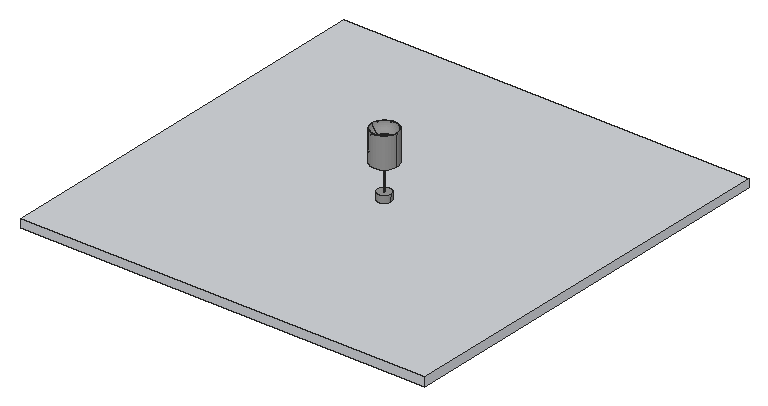
Revit family "LAMP_KOMBIC 150 SURFACE 3500 CRI80 OPTIC DALI", category Luminarias, Revit 2018
Family settings
  Anfitrión = Cara
  Cota de conector redondo = Diámetro de uso
  Tipo de pieza = Normal
  Corte con vacíos al cargar = No
  Origen de luz = Sí
  Compartido = No
  Punto de cálculo de habitación = No
Parameters (values of type "2145LM 3000K  B/B")
  Ángulo de inclinación = -90.00°
  Weight = 1.738 kg
  UGR = "19"
  Type = "COB PHILIPS"
  Protection rating = "IP40"
  Product datasheet = "http://www.lamp.es/product-files/TECH/K21SF3540WF830DBB-EN.pdf"
  Product code = "K21SF3540WF830DBB"
  Product URL = "https://www.lamp.es/en/family/kombic-surface_474354"
  Power Supply = "220-240V 50/60Hz"
  Power = 25 W
  Plum = 28 W
  Modelo = Product code  # "K21SF3540WF830DBB"
  Model explanation = "Possibility of chossing between surface or suspended within the model"
  Material reflector = LAMP_PC Reflector Kombic Metalizado Negro
  Material floron = LAMP_Plástico genérico NG
  Material difusor = LAMP_PMMA Difusor Kombic
  Material cuerpo = LAMP_Plástico genérico NG
  Material cable suspension = LAMP_Acero genérico
  Manufacturer name = "LAMP"
  Manufacturer country = "Spain"
  Manufacturer URL = "http://www.lamp.es/en"
  MacAdam = "3"
  Luminaire type = "Suspended"
  Last update = "13/10/2021"
  Lamp = "COB LED"
  LED Lifetime = "50.000 L80 B10"
  Insulation class = "II"
  Installation instructions = "https://www.lamp.es/product-files/packed/by-family/474354_INS_all.zip"
  IEE = "A+"
  Height suspension [instance] = 200 mm
  Height distance [instance] = if(Surface, 0.1 mm, if(Ceiling rose, if(Height suspension > 38 mm, if(Height suspension < 2000 mm, Height suspension, 2000 mm), 38 mm), 37 mm))  # 200 mm
  Wattage = 28 W
  built-in parameter 1150107 = 3000 (stored number, unit not read)
  Surface [instance] = no
  built-in parameter 1150110 = 1 (stored number, unit not read)
  built-in parameter 1150109 = 1 (stored number, unit not read)
  built-in parameter 1150112 = 1 (stored number, unit not read)
  built-in parameter 1150113 = 1 (stored number, unit not read)
  built-in parameter 1114218 = 1 (stored number, unit not read)
  built-in parameter 1150137 = (empty or 0)
  built-in parameter 1150132 = 2
  built-in parameter 1150105 = 2449.7 (stored number, unit not read)
  built-in parameter 1150102 = (empty or 0)
  built-in parameter 1150106 = 24.497 (stored number, unit not read)
  Height = 180 mm
  Gear = "Adjustable DALI"
  Lumens = 2144.8 lm
  Finish = "Matte black RAL 9011"
  Color Filter = 16777215
  built-in parameter 1114217 = 1 (stored number, unit not read)
  built-in parameter 1150139 = (empty or 0)
  Fabricante = Manufacturer name  # "LAMP"
  Default Elevation = 1219.2 mm
  built-in parameter 1150104 = 7.1164 (stored number, unit not read)
  Efficacy = 76.6 lm/W
  Diameter = 150 mm
  built-in parameter 1150115 = 1 (stored number, unit not read)
  built-in parameter 1150114 = 1 (stored number, unit not read)
  built-in parameter 1150138 = (empty or 0)
  built-in parameter 1150134 = (empty or 0)
  Ceiling rose [instance] = not(Surface)  # yes
  Dimming Lamp Color Temperature Shift = (empty or 0)
  CRI = "80"
  Archivo de red fotométrica = "K21SF3540WF830NBB.IES"
  built-in parameter 1150133 = 10 (stored number, unit not read)
Types (12, lengths in mm): name | Product datasheet | Product code | Modelo | Material reflector | Material floron | Material cuerpo | built-in parameter 1150107 | built-in parameter 1150105 | built-in parameter 1150106 | Gear | Lumens | Finish | built-in parameter 1150104 | Efficacy | built-in parameter 1150134 | Archivo de red fotométrica
  2145LM 3000K  B/B | "http://www.lamp.es/product-files/TECH/K21SF3540WF830DBB-EN.pdf" | "K21SF3540WF830DBB" | "K21SF3540WF830DBB" | LAMP_PC Reflector Kombic Metalizado Negro | LAMP_Plástico genérico NG | LAMP_Plástico genérico NG | 3000 (stored number, unit not read) | 2449.7 (stored number, unit not read) | 24.497 (stored number, unit not read) | "Adjustable DALI" | 2144.8 lm | "Matte black RAL 9011" | 7.1164 (stored number, unit not read) | 76.6 lm/W | (empty or 0) | "K21SF3540WF830NBB.IES"
  2145LM 3000K  B/W | "http://www.lamp.es/product-files/TECH/K21SF3540WF830DBW-EN.pdf" | "K21SF3540WF830DBW" | "K21SF3540WF830DBW" | LAMP_PC Reflector Kombic Metalizado Negro | LAMP_Plástico genérico BL | LAMP_Plástico genérico BL | 3000 (stored number, unit not read) | 2449.7 (stored number, unit not read) | 24.497 (stored number, unit not read) | "Adjutable DALI" | 2144.8 lm | "Matte white RAL 9010" | 7.1164 (stored number, unit not read) | 76.6 lm/W | (empty or 0) | "K21SF3540WF830NBW.IES"
  2152LM 3000K  M/B | "http://www.lamp.es/product-files/TECH/K21SF3540WF830DMB-EN.pdf" | "K21SF3540WF830DMB" | "K21SF3540WF830DMB" | LAMP_PC Reflector Kombic Metalizado Mate | LAMP_Plástico genérico NG | LAMP_Plástico genérico NG | 3000 (stored number, unit not read) | 2459.3 (stored number, unit not read) | 24.593 (stored number, unit not read) | "Adjutable DALI" | 2153.2 lm | "Matte black RAL 9011" | 7.1442 (stored number, unit not read) | 76.9 lm/W | (empty or 0) | "K21SF3540WF830NMB.IES"
  2152LM 3000K  M/W | "http://www.lamp.es/product-files/TECH/K21SF3540WF830DMW-EN.pdf" | "K21SF3540WF830DMW" | "K21SF3540WF830DMW" | LAMP_PC Reflector Kombic Metalizado Mate | LAMP_Plástico genérico BL | LAMP_Plástico genérico BL | 3000 (stored number, unit not read) | 2459.3 (stored number, unit not read) | 24.593 (stored number, unit not read) | "Adjutable DALI" | 2153.2 lm | "Matte white RAL 9010" | 7.1442 (stored number, unit not read) | 76.9 lm/W | (empty or 0) | "K21SF3540WF830NMW.IES"
  2217LM 3000K  W/B | "http://www.lamp.es/product-files/TECH/K21SF3540WF830DWB-EN.pdf" | "K21SF3540WF830DWB" | "K21SF3540WF830DWB" | LAMP_PC Reflector Kombic Blanco | LAMP_Plástico genérico NG | LAMP_Plástico genérico NG | 3000 (stored number, unit not read) | 2532.8 (stored number, unit not read) | 25.328 (stored number, unit not read) | "Adjutable DALI" | 2217.6 lm | "Matte black RAL 9011" | 7.3579 (stored number, unit not read) | 79.2 lm/W | (empty or 0) | "K21SF3540WF830NWB.IES"
  2217LM 3000K  W/W | "http://www.lamp.es/product-files/TECH/K21SF3540WF830DWW-EN.pdf" | "K21SF3540WF830DWW" | "K21SF3540WF830DWW" | LAMP_PC Reflector Kombic Blanco | LAMP_Plástico genérico BL | LAMP_Plástico genérico BL | 3000 (stored number, unit not read) | 2532.8 (stored number, unit not read) | 25.328 (stored number, unit not read) | "Adjutable DALI" | 2217.6 lm | "Matte white RAL 9010" | 7.3579 (stored number, unit not read) | 79.2 lm/W | (empty or 0) | "K21SF3540WF830NWW.IES"
  2234LM 4000K  B/B | "http://www.lamp.es/product-files/TECH/K21SF3540WF840DBB-EN.pdf" | "K21SF3540WF840DBB" | "K21SF3540WF840DBB" | LAMP_PC Reflector Kombic Metalizado Negro | LAMP_Plástico genérico NG | LAMP_Plástico genérico NG | 4000 (stored number, unit not read) | 2552 (stored number, unit not read) | 25.52 (stored number, unit not read) | "Adjutable DALI" | 2234.4 lm | "Matte black RAL 9011" | 7.4137 (stored number, unit not read) | 79.8 lm/W | 12 | "K21SF3540WF840NBB.IES"
  2234LM 4000K  B/W | "http://www.lamp.es/product-files/TECH/K21SF3540WF840DBW-EN.pdf" | "K21SF3540WF840DBW" | "K21SF3540WF840DBW" | LAMP_PC Reflector Kombic Metalizado Negro | LAMP_Plástico genérico BL | LAMP_Plástico genérico BL | 4000 (stored number, unit not read) | 2552 (stored number, unit not read) | 25.52 (stored number, unit not read) | "Adjutable DALI" | 2234.4 lm | "Matte white RAL 9010" | 7.4137 (stored number, unit not read) | 79.8 lm/W | 12 | "K21SF3540WF840NBW.IES"
  2241LM 4000K  M/B | "http://www.lamp.es/product-files/TECH/K21SF3540WF840DMB-EN.pdf" | "K21SF3540WF840DMB" | "K21SF3540WF840DMB" | LAMP_PC Reflector Kombic Metalizado Mate | LAMP_Plástico genérico NG | LAMP_Plástico genérico NG | 4000 (stored number, unit not read) | 2558.4 (stored number, unit not read) | 25.584 (stored number, unit not read) | "Adjutable DALI" | 2240 lm | "Matte black RAL 9011" | 7.4322 (stored number, unit not read) | 80 lm/W | 12 | "K21SF3540WF840NMB.IES"
  2241LM 4000K  M/W | "http://www.lamp.es/product-files/TECH/K21SF3540WF840DMW-EN.pdf" | "K21SF3540WF840DMW" | "K21SF3540WF840DMW" | LAMP_PC Reflector Kombic Metalizado Mate | LAMP_Plástico genérico BL | LAMP_Plástico genérico BL | 4000 (stored number, unit not read) | 2558.4 (stored number, unit not read) | 25.584 (stored number, unit not read) | "Adjutable DALI" | 2240 lm | "Matte white RAL 9010" | 7.4322 (stored number, unit not read) | 80 lm/W | 12 | "K21SF3540WF840NMW.IES"
  2310LM 4000K  W/B | "http://www.lamp.es/product-files/TECH/K21SF3540WF840DWB-EN.pdf" | "K21SF3540WF840DWB" | "K21SF3540WF840DWB" | LAMP_PC Reflector Kombic Blanco | LAMP_Plástico genérico NG | LAMP_Plástico genérico NG | 4000 (stored number, unit not read) | 2638.4 (stored number, unit not read) | 26.384 (stored number, unit not read) | "Adjutable DALI" | 2310 lm | "Matte black RAL 9011" | 7.6645 (stored number, unit not read) | 82.5 lm/W | 12 | "K21SF3540WF840NWB.IES"
  2310LM 4000K  W/W | "http://www.lamp.es/product-files/TECH/K21SF3540WF840DWW-EN.pdf" | "K21SF3540WF840DWW" | "K21SF3540WF840DWW" | LAMP_PC Reflector Kombic Blanco | LAMP_Plástico genérico BL | LAMP_Plástico genérico BL | 4000 (stored number, unit not read) | 2638.4 (stored number, unit not read) | 26.384 (stored number, unit not read) | "Adjutable DALI" | 2310 lm | "Matte white RAL 9010" | 7.6645 (stored number, unit not read) | 82.5 lm/W | 12 | "K21SF3540WF840NWW.IES"
Reference planes
  plane 1 "Centro (Frontal/Posterior)": y = 0
  plane 2: z = 0
  plane 3 "Centro (Izquierda/Derecha)": x = 0
Forms (mm)
  Extrusion 1, solid
    sketch origin (0, 0, 0) x (1, 0, 0) y (0, 1, 0)
      loop
        line (-1219.2, 1219.2) -> (-1219.2, -1219.2) -> (1219.2, -1219.2) -> (1219.2, 1219.2) -> (-1219.2, 1219.2)
    from 0 to -50
  Extrusion 2, solid, material "LAMP_Plástico genérico NG" <- "Material cuerpo"
    sketch origin (0, 0, 0) x (1, 0, 0) y (0, 1, 0)
      loop
        circle (0, 0) r 77.5
    from 200 to 380
  Extrusion 3, void
    sketch origin (0, 0, 0) x (1, 0, 0) y (0, 1, 0)
      loop
        circle (0, 0) r 76.5
    from 270.588 to 380
  Sweep 4, solid, material "LAMP_PC Reflector Kombic Metalizado Negro" <- "Material reflector"
    path origin (105.103, -251.845, 380) x (1, 0, 0) y (0, 1, 0)
      loop
        circle (-105.103, 251.959) r 48
    profile origin (0, 48.114, 380) x (0, -1, 0) y (0, 0, 1)
      loop
        arc (-28.386, 0) -> (-15.5, -31.664) -> (14.364, -48.3) r 51.542
        line (14.364, -48.3) -> (14.364, -47.3)
        arc (14.364, -47.3) -> (-14.949, -31.098) -> (-27.386, 0) r 49.836
        line (-27.386, 0) -> (-28.386, 0)
  Extrusion 5, solid, material "LAMP_PMMA Difusor Kombic" <- "Material difusor"
    sketch origin (0, 0, 0) x (1, 0, 0) y (0, 1, 0)
      loop
        circle (0, 0) r 33.636
    from 331.7 to 332.7
  Extrusion 6, solid, material "LAMP_Plástico genérico NG" <- "Material floron", visible <- "Ceiling rose"
    sketch origin (0, 0, 0) x (1, 0, 0) y (0, 1, 0)
      loop
        circle (0, 0) r 42
    from 0 to 37
  Extrusion 7, solid, material "LAMP_Acero genérico" <- "Material cable suspension", visible <- "Ceiling rose"
    sketch origin (0, 0, 0) x (1, 0, 0) y (0, 1, 0)
      loop
        circle (0, 0) r 1
    from 37 to 200
Cuts and joins
  Extrusion 3 cuts Extrusion 2
Text (mm)
  text "Any modification of the parameters and properties of the LAMP BIM models must be executed and validated by the LAMP technical department.\nPhone: +34 93 736 68 00\nE-mail: lamp@lamp.es\n\nLAMP reserves the right to modify the technical specifications of its products." at (1856.491, -4316.333, -2622.127), in view "Preview"
Dimensions and locks
  "Height distance": Extrusion 2 to Extrusion 1
  locked: Extrusion 2 to Extrusion 2 at 180
  locked: cut or joined group of Extrusion 2, Extrusion 3 to cut or joined group of Extrusion 2, Extrusion 3 at 109.412
  aligned and locked: plane 2 to Extrusion 1
  aligned and locked: level to Extrusion 1
  aligned and locked: Extrusion 2 to Extrusion 3
  aligned and locked: Extrusion 7 to Extrusion 6
  aligned and locked: Extrusion 7 to cut or joined group of Extrusion 2, Extrusion 3
  aligned and locked: imposter light to cut or joined group of Extrusion 2, Extrusion 3
  aligned and locked: Extrusion 5 to Sweep 4  (x2)
Automatic sketch dimensions
  Extrusion 1 sketch curve to Extrusion 1 sketch curve = 2438.4 mm  (x2)
  plane 1 "Centro (Frontal/Posterior)" to Extrusion 2 sketch curve = 0 mm
  Extrusion 2 sketch curve to plane 3 "Centro (Izquierda/Derecha)" = 0 mm
  plane 1 "Centro (Frontal/Posterior)" to Extrusion 3 sketch curve = 0 mm
  Extrusion 3 sketch curve to plane 3 "Centro (Izquierda/Derecha)" = 0 mm
  plane 1 "Centro (Frontal/Posterior)" to Extrusion 6 sketch curve = 0 mm
  Extrusion 6 sketch curve to plane 3 "Centro (Izquierda/Derecha)" = 0 mm
  plane 1 "Centro (Frontal/Posterior)" to Extrusion 7 sketch curve = 0 mm
  Extrusion 7 sketch curve to plane 3 "Centro (Izquierda/Derecha)" = 0 mm
  Sweep 4 sketch curve to profile plane = 0 mm
  profile plane to Sweep 4 sketch curve = 28.386 mm
  profile plane to Sweep 4 sketch curve = 1.881 mm
  Sweep 4 sketch curve to profile plane = 22.414 mm
  Sweep 4 sketch curve to Sweep 4 sketch curve = 0.681 mm
  Sweep 4 sketch curve to Sweep 4 sketch curve = 1 mm  (x2)
  Sweep 4 sketch curve to profile plane = 14.364 mm
  plane 1 "Centro (Frontal/Posterior)" to Extrusion 5 sketch curve = 0 mm
  Extrusion 5 sketch curve to plane 3 "Centro (Izquierda/Derecha)" = 0 mm
  radius of Extrusion 2 sketch curve = 77.5 mm
  radius of Extrusion 3 sketch curve = 76.5 mm
  radius of Sweep 4 sketch curve = 48 mm
  radius of Extrusion 6 sketch curve = 42 mm
  radius of Extrusion 7 sketch curve = 1 mm
  radius of Extrusion 5 sketch curve = 33.636 mm
Connectors
  electrical at (0, 0, 200)
    settings: on cut or joined group of Extrusion 2, Extrusion 3, index 1, voltage 230 V, apparent load 0 VA, apparent load phase1 0 VA, apparent load phase2 0 VA, apparent load phase3 0 VA, power factor 1, load classification "Otro", number of poles 1, system type 31, power factor state 1, is connector primary yes, connector utility no, sub classification motor no, connector description ""
